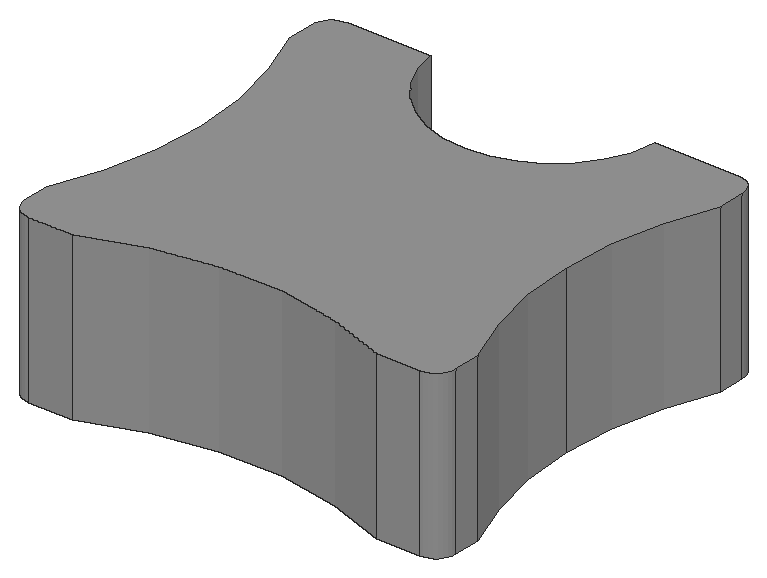
Revit family "Kødben uden wire45-55-60", category Generic Models, Revit 2019
Family settings
  Can host rebar = No
  Round Connector Dimension = Use Diameter
  Part Type = Normal
  Work Plane-Based = Yes
  Always vertical = No
  Cut with Voids When Loaded = No
  Shared = No
  Room Calculation Point = No
Parameters
  concrete = GFRC
  Width = 65 mm
  Website Link = "https://haucon.dk/produkt/fiberbetonafstandsklods/#variations"
  Top Curve R = 17 mm
  Top Curve = 2 mm
  Test Report Sheet = "https://haucon.dk/wp-content/uploads/2016/04/1121005-FIBERBETONAFSTANDSKLODS-TEST-ENG-1.pdf"
  Technical Data Sheet = "https://haucon.dk/wp-content/uploads/2016/04/1121005-Fiberbetonafstandsklods-TDS-ENG.pdf"
  Side Curve R = 55 mm
  Side Curve = 50 mm
  Height = 60 mm
  Default Elevation = 1219.2 mm
  Bottom Curve = 50 mm
Reference planes
  plane 1 "Center (Front/Back)": y = 0
  plane 2: z = 0
  plane 3 "Center (Left/Right)": x = 0
  plane 4: y = 60
  plane 5: x = 32.5
  plane 6: x = -32.5
  plane 7: x = 82.5
  plane 8: x = -82.5
  plane 9: y = 62
  plane 10: y = 30
  plane 11: y = -50
  plane 12: z = 25
  plane 13: z = 12.5
Forms (mm)
  Extrusion 1, solid, material "Concrete, Cast in Situ, Lightweight"
    sketch origin (0, 0, 0) x (1, 0, 0) y (0, 1, 0)
      loop
        arc (-32.5, 3) -> (-31.621, 0.879) -> (-29.5, 0) r 3
        line (-29.5, 0) -> (29.463, 0)
        arc (29.463, 0) -> (31.611, 0.889) -> (32.5, 3.037) r 3.037
        line (32.5, 3.037) -> (32.5, 56.972)
        arc (32.5, 56.972) -> (31.613, 59.113) -> (29.472, 60) r 3.028
        line (29.472, 60) -> (-29.512, 60)
        arc (-29.512, 60) -> (-31.625, 59.125) -> (-32.5, 57.012) r 2.988
        line (-32.5, 57.012) -> (-32.5, 3)
    from 0 to 25
  Extrusion 2, void
    sketch origin (0, 0, 0) x (1, 0, 0) y (0, 1, 0)
      loop
        circle (82.5, 30) r 55
    from 0 to 25
  Extrusion 3, void
    sketch origin (0, 0, 0) x (1, 0, 0) y (0, 1, 0)
      loop
        circle (-82.5, 30) r 55
    from 0 to 25
  Extrusion 4, void
    sketch origin (0, 0, 0) x (1, 0, 0) y (0, 1, 0)
      loop
        circle (0, -50) r 55
    from 0 to 25
  Extrusion 5, void
    sketch origin (0, 0, 0) x (1, 0, 0) y (0, 1, 0)
      loop
        circle (0, 62) r 17
    from 0 to 25
Cuts and joins
  Extrusion 2, Extrusion 3, Extrusion 4, Extrusion 5 cuts Extrusion 1
Dimensions and locks
  equal spacing: plane 6, plane 3 "Center (Left/Right)", plane 5
  "Width": plane 6 to plane 5
  "Height": plane 1 "Center (Front/Back)" to plane 4
  "Side Curve": plane 8 to plane 6
  "Side Curve": plane 5 to plane 7
  "Top Curve": plane 9 to plane 4
  equal spacing: plane 4, plane 10, plane 1 "Center (Front/Back)"
  "Bottom Curve": plane 11 to plane 1 "Center (Front/Back)"
  equal spacing: plane 12, plane 13, level
  plane 12 to level = 25 mm
  "Side Curve R": radius of Extrusion 2 sketch curve
  "Side Curve R": radius of Extrusion 3 sketch curve
  "Side Curve R": radius of Extrusion 4 sketch curve
  "Top Curve R": radius of Extrusion 5 sketch curve
  aligned and locked: level to plane 2
  aligned and locked: Extrusion 1 sketch curve to plane 4
  aligned and locked: plane 6 to Extrusion 1 sketch curve
  aligned and locked: Extrusion 1 sketch curve to plane 5
  aligned and locked: Extrusion 1 sketch curve to plane 1 "Center (Front/Back)"
  aligned and locked: plane 10 to Extrusion 2 sketch curve
  aligned and locked: plane 7 to Extrusion 2 sketch curve
  aligned and locked: plane 8 to Extrusion 3 sketch curve
  aligned and locked: plane 10 to Extrusion 3 sketch curve
  aligned and locked: plane 11 to Extrusion 4 sketch curve
  aligned and locked: plane 3 "Center (Left/Right)" to Extrusion 4 sketch curve
  aligned and locked: plane 9 to Extrusion 5 sketch curve
  aligned and locked: plane 3 "Center (Left/Right)" to Extrusion 5 sketch curve
  aligned and locked: plane 12 to cut or joined group of Extrusion 1, Extrusion 2, Extrusion 3, Extrusion 4, Extrusion 5
Automatic sketch dimensions
  Extrusion 1 sketch curve to plane 4 = 2.988 mm
  Extrusion 1 sketch curve to plane 1 "Center (Front/Back)" = 3 mm
  Extrusion 1 sketch curve to plane 5 = 3.037 mm
  Extrusion 1 sketch curve to plane 4 = 3.028 mm
